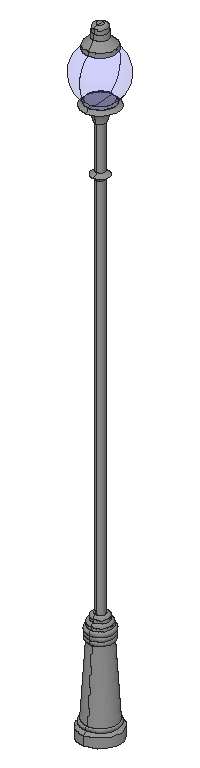
Revit family "Фонарный столб Л-03 со светильником Арт 7433", category Антураж, Revit 2018
Family settings
  На основе рабочей плоскости = Нет
  Всегда вертикально = Да
  При загрузке вырезать с полостями = Нет
  Источник визуального образа = Геометрия семейства
  Общий = Нет
  Точка расчета площади = Нет
Parameters (values of type "Версия 5,695 м")
  Ширина = 460 mm  # constant formula
  Цвет столба = Нержавейка
  Цвет основания = Сталь
  Описание = if([Версия 3,195 м], "Фонарный столб Л-03 со светильником. Версия 3,195 м", if([Версия 3,695 м], "Фонарный столб Л-03 со светильником. Версия 3,695 м", if([Версия 4,195 м], "Фонарный столб Л-03 со светильником. Версия 4,195 м", if([Версия 4,695 м], "Фонарный столб Л-03 со светильником. Версия 4,695 м", if([Версия 5,195 м], "Фонарный столб Л-03 со светильником. Версия 5,195 м", "Фонарный столб Л-03 со светильником. Версия 5,695 м")))))  # "Фонарный столб Л-03 со светильником. Версия 5,695 м"
  Материал изделия = "Сталь, поликарбонат"  # constant formula
  Изображение типоразмера = Фонарный столб Л-03 со светильником Арт 7433.jpg
  Изготовитель = "ООО «Хоббика»"  # constant formula
  Длина = 460 mm  # constant formula
  Группа модели = " Светильники с чугунными опорами"  # constant formula
  Высота столба = Высота - 1240 mm  # 4455 mm
  Высота = if([Версия 3,195 м], 3195 mm, if([Версия 3,695 м], 3695 mm, if([Версия 4,195 м], 4195 mm, if([Версия 4,695 м], 4695 mm, if([Версия 5,195 м], 5195 mm, 5695 mm)))))  # 5695 mm
  Версия 5,195 м = no
  Версия 4,695 м = no
  Версия 4,195 м = no
  Версия 3,695 м = no
  Версия 3,195 м = no
  Артикул товара = "Арт. 7433"  # constant formula
  URL = "https://hobbyka.ru/product/fonarnyy_stolb_l03_so_svetilnikom/"
Types (7, lengths in mm): name | Описание | Высота столба | Высота | Версия 5,195 м | Версия 4,695 м | Версия 4,195 м | Версия 3,695 м | Версия 3,195 м
  (no name) | "Фонарный столб Л-03 со светильником. Версия 5,695 м" | 4455 | 5695 | no | no | no | no | no
  Версия 3,195 м | "Фонарный столб Л-03 со светильником. Версия 3,195 м" | 1955 | 3195 | no | no | no | no | yes
  Версия 3,695 м | "Фонарный столб Л-03 со светильником. Версия 3,695 м" | 2455 | 3695 | no | no | no | yes | no
  Версия 4,195 м | "Фонарный столб Л-03 со светильником. Версия 4,195 м" | 2955 | 4195 | no | no | yes | no | no
  Версия 4,695 м | "Фонарный столб Л-03 со светильником. Версия 4,695 м" | 3455 | 4695 | no | yes | no | no | no
  Версия 5,195 м | "Фонарный столб Л-03 со светильником. Версия 5,195 м" | 3955 | 5195 | yes | no | no | no | no
  Версия 5,695 м | "Фонарный столб Л-03 со светильником. Версия 5,695 м" | 4455 | 5695 | no | no | no | no | no
Reference planes
  plane 1 "По центру (Вперед/Назад)": y = 0
  plane 2: z = 0
  plane 3 "По центру (Влево/Вправо)": x = 0
  plane 4: x = 230.244
  plane 5: x = -229.756
  plane 6: y = 229.375
  plane 7: y = -230.625
Forms (mm)
  Extrusion 1, solid, material "Нержавейка" <- "Цвет столба"
    sketch origin (0, 0, 0) x (1, 0, 0) y (0, 1, 0)
      loop
        circle (0, 0) r 35
    from 935.251 to 4455 <- "Высота столба"
Dimensions and locks
  "Высота": nested 2 to level
  "Длина": plane 5 to plane 4
  "Ширина": plane 6 to plane 7
  aligned and locked: level to plane 2
Automatic sketch dimensions
  plane 1 "По центру (Вперед/Назад)" to Extrusion 1 sketch curve = 35 mm
  Extrusion 1 sketch curve to Extrusion 1 sketch curve = 0 mm  (x2)
  Extrusion 1 sketch curve to plane 3 "По центру (Влево/Вправо)" = 0 mm
  plane 1 "По центру (Вперед/Назад)" to Extrusion 1 sketch curve = 0 mm
Nested families
  nested 1: "Фонарный столб Л-03 со светильником Арт 7433 опора" at (0, 0, 0), type "Фонарный столб Л-03 со светильником Арт 7433 опора"
  nested 2: "Фонарный столб Л-03 со светильником Арт 7433 светильник" at (0, 0, 4455), type "Фонарный столб Л-03 со светильником Арт 7433 светильник"
Definition of nested family "Фонарный столб Л-03 со светильником Арт 7433 опора"
  Parameters (values of type "Фонарный столб Л-03 со светильником Арт 7433 опора")
    Цвет столба = none
    Цвет основания = none
    Height = 0 mm
  Reference planes
    plane 1 "По центру (Вперед/Назад)": y = 0
    plane 2: z = 0
    plane 3 "По центру (Влево/Вправо)": x = 0
  Forms (mm)
    Revolve 1, solid, material <- "Цвет основания"
      sketch origin (0, 0, 0) x (0, 1, 0) y (0, 0, 1)
        loop
          line (0, 985) -> (0, 0) -> (181.003, 0) -> (181.003, 81.251) -> (144.142, 107.062)
          arc (144.142, 107.062) -> (159.142, 122.062) -> (144.142, 137.062) r 15
          line (144.142, 137.062) -> (99.497, 775.503)
          arc (99.497, 775.503) -> (116.997, 793.003) -> (99.497, 810.503) r 17.5
          arc (99.497, 810.503) -> (116.997, 828.003) -> (99.497, 845.503) r 17.5
          arc (99.497, 845.503) -> (119.497, 865.503) -> (99.497, 885.503) r 20
          line (99.497, 885.503) -> (99.497, 910.503)
          arc (99.497, 910.503) -> (92.249, 928.003) -> (74.749, 935.251) r 24.749
          line (74.749, 935.251) -> (74.749, 960.251)
          arc (74.749, 960.251) -> (67.5, 977.751) -> (50, 985) r 24.749
          line (50, 985) -> (0, 985)
        axis (0, 0) -> (0, 985)
      angle from 0 to 360
  Dimensions and locks
    aligned and locked: level to plane 2
Definition of nested family "Фонарный столб Л-03 со светильником Арт 7433 светильник"
  Parameters (values of type "Фонарный столб Л-03 со светильником Арт 7433 светильник")
    Цвет столба = none
    Цвет основания = none
    Height = 0 mm
  Reference planes
    plane 1 "По центру (Вперед/Назад)": y = 0
    plane 2: z = 0
    plane 3 "По центру (Влево/Вправо)": x = 0
    plane 4: z = 1240
  Forms (mm)
    Revolve 1, solid, material <- "Цвет основания"
      sketch origin (0, 0, 0) x (0, 1, 0) y (0, 0, 1)
        loop
          line (0, 1240) -> (0, 1036.612) -> (133.388, 1036.612) -> (133.388, 1071.612) -> (69.749, 1135.251) -> (69.749, 1180.251) -> (59.749, 1180.251) -> (59.749, 1215.251)
          arc (59.749, 1215.251) -> (52.5, 1232.751) -> (35, 1240) r 24.749
          line (35, 1240) -> (0, 1240)
        loop
          line (0, 615) -> (0, 458.415) -> (46.754, 458.415)
          arc (46.754, 458.415) -> (81.358, 540.961) -> (158.284, 586.716) r 142.858
          arc (158.284, 586.716) -> (141.458, 598.173) -> (130, 615) r 54.578
          line (130, 615) -> (0, 615)
        axis (0, 1240) -> (0, 458.415)
      angle from 0 to 360
    Revolve 2, solid
      sketch origin (0, 0, 0) x (0, 1, 0) y (0, 0, 1)
        loop
          line (0, 1036.612) -> (-133.388, 1036.612)
          arc (-133.388, 1036.612) -> (-229.423, 829.087) -> (-112.322, 632.678) r 245
          line (-112.322, 632.678) -> (-130, 615) -> (0, 615) -> (0, 1036.612)
        axis (0, 1036.612) -> (0, 615)
      angle from 0 to 360
    Revolve 3, solid, material <- "Цвет столба"
      sketch origin (0, 0, 0) x (0, 1, 0) y (0, 0, 1)
        loop
          line (0, 458.415) -> (0, 0) -> (35, 0)
          arc (35, 0) -> (52.369, 21.035) -> (75.958, 34.736) r 77.393
          arc (75.958, 34.736) -> (52.908, 45.404) -> (35, 63.415) r 71.956
          line (35, 63.415) -> (35, 458.415) -> (0, 458.415)
        axis (0, 458.415) -> (0, 0)
      angle from 0 to 360
  Dimensions and locks
    aligned and locked: level to plane 2
